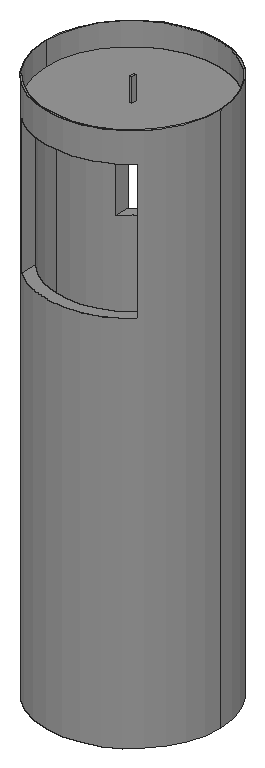
Revit family "Урна-пепельница ПА011 Арт 7299", category Антураж, Revit 2018
Family settings
  На основе рабочей плоскости = Нет
  Всегда вертикально = Да
  При загрузке вырезать с полостями = Нет
  Источник визуального образа = Геометрия семейства
  Общий = Нет
  Точка расчета площади = Нет
Parameters (values of type "Урна-пепельница ПА011")
  Ширина = 382 mm  # constant formula
  Цвет урны = Сталь
  Описание = "Урна-пепельница ПА011"  # constant formula
  Материал изделия = "Сталь"  # constant formula
  Изображение типоразмера = Урна-пепельница ПА011 Арт 7299.jpg
  Изготовитель = "ООО «Хоббика»"  # constant formula
  Длина = 382 mm  # constant formula
  Группа модели = "Уличные урны"  # constant formula
  Высота = 1200 mm  # constant formula
  Артикул товара = "Арт. 7299"  # constant formula
  URL = "https://hobbyka.ru/product/urna-pepelnica_pa011/"
Reference planes
  plane 1 "По центру (Вперед/Назад)": y = 0
  plane 2: z = 0
  plane 3 "По центру (Влево/Вправо)": x = 0
  plane 4: y = 382
  plane 5: x = 382
  plane 6: z = 1200
Forms (mm)
  Extrusion 1, solid, material "Сталь" <- "Цвет урны"
    sketch origin (0, 0, 0) x (1, 0, 0) y (0, 1, 0)
      loop
        circle (191, 191) r 191
    from 0 to 1200
  Extrusion 2, void
    sketch origin (0, 0, 0) x (1, 0, 0) y (0, 0, 1)
      loop
        line (65, 1135) -> (65, 835) -> (317, 835) -> (317, 1135) -> (65, 1135)
    from 0 to -382
  Extrusion 3, void
    sketch origin (0, 0, 0) x (1, 0, 0) y (0, 1, 0)
      loop
        circle (191, 191) r 166
    from 18.222 to 1135
  Extrusion 4, void
    sketch origin (0, 0, 0) x (1, 0, 0) y (0, 1, 0)
      loop
        circle (191, 191) r 189
      loop
        line (188.5, 196) -> (188.5, 186) -> (193.5, 186) -> (193.5, 196) -> (188.5, 196)
    from 1150 to 1200
Cuts and joins
  Extrusion 2, Extrusion 3, Extrusion 4 cuts Extrusion 1
Dimensions and locks
  "Длина": plane 3 "По центру (Влево/Вправо)" to plane 5
  "Ширина": plane 4 to plane 1 "По центру (Вперед/Назад)"
  "Высота": plane 6 to plane 2
  aligned and locked: level to plane 2
Automatic sketch dimensions
  plane 3 "По центру (Влево/Вправо)" to Extrusion 1 sketch curve = 191 mm
  Extrusion 1 sketch curve to plane 1 "По центру (Вперед/Назад)" = 191 mm
  plane 3 "По центру (Влево/Вправо)" to Extrusion 2 sketch curve = 65 mm
  Extrusion 2 sketch curve to plane 5 = 65 mm
  Extrusion 2 sketch curve to plane 6 = 365 mm
  Extrusion 2 sketch curve to plane 6 = 65 mm
  Extrusion 3 sketch curve to Extrusion 3 sketch curve = 0 mm  (x2)
  plane 3 "По центру (Влево/Вправо)" to Extrusion 3 sketch curve = 25 mm
  Extrusion 3 sketch curve to plane 5 = 25 mm
  Extrusion 3 sketch curve to plane 1 "По центру (Вперед/Назад)" = 191 mm
  Extrusion 4 sketch curve to plane 1 "По центру (Вперед/Назад)" = 191 mm
  plane 3 "По центру (Влево/Вправо)" to Extrusion 4 sketch curve = 2 mm
  Extrusion 4 sketch curve to Extrusion 4 sketch curve = 0 mm
  Extrusion 4 sketch curve to Extrusion 4 sketch curve = 186.5 mm
  Extrusion 4 sketch curve to Extrusion 4 sketch curve = 2.5 mm
  Extrusion 4 sketch curve to Extrusion 4 sketch curve = 5 mm  (x3)
  radius of Extrusion 1 sketch curve = 191 mm
